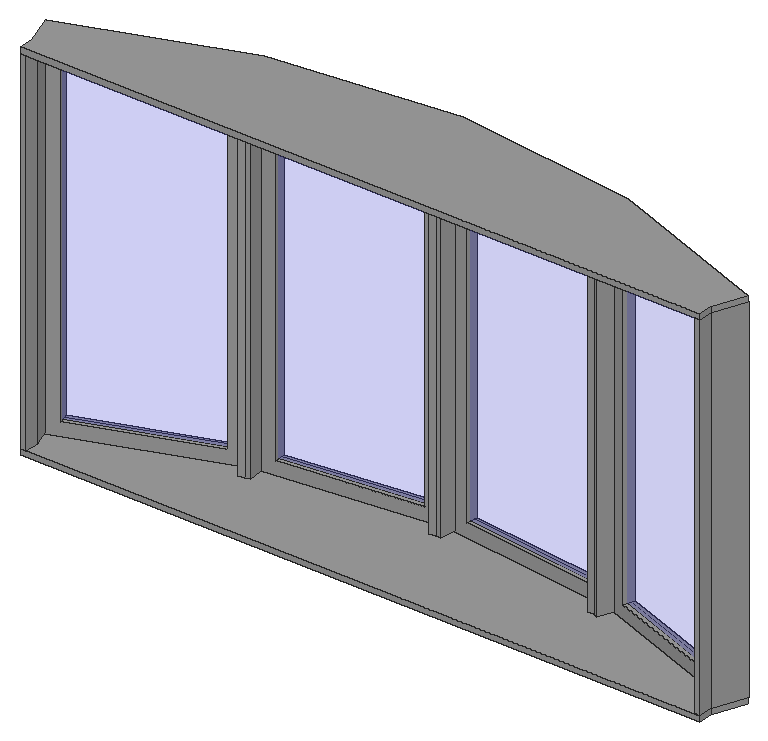
Revit family "WBY_A3-4-UNIT-BOW", category Windows, host Wall, Revit 2016
Family settings
  Host = Wall
  Always vertical = Yes
  Cut with Voids When Loaded = No
  Shared = No
  Room Calculation Point = No
Parameters (values of type "23" FRAME, EA")
  CENTER ADJUST = 0' - 0 27/32"
  Height = 4' - 0"
  JAMB DEPTH = 0' - 4 1/2"
  JAMB THICKNESS = 0' - 0 3/4"
  PROJECTION = 0' - 10 3/8"
  RADIUS = 8' - 7"
  SIDE ADJUST = (Width / 4) - CENTER ADJUST  # 1' - 10 1/4"
  T.O. HEAD = 7' - 0"
  Wall Closure = By host
  Width = 7' - 8 3/8"
Types (7): name | CENTER ADJUST | JAMB DEPTH | PROJECTION | RADIUS | SIDE ADJUST | Width
  (no name) | 0' - 0 27/32" | 0' - 4 1/2" | 0' - 10 3/8" | 8' - 7" | 1' - 10 1/4" | 7' - 8 3/8"
  17" FRAME, EA | 0' - 0 27/32" | 0' - 5" | 0' - 7 7/8" | 6' - 4" | 1' - 4 7/16" | 5' - 9 1/8"
  21" FRAME, EA | 0' - 0 25/32" | 0' - 4 1/2" | 0' - 9 5/8" | 7' - 10" | 1' - 8 3/8" | 7' - 0 5/8"
  23" FRAME, EA | 0' - 0 27/32" | 0' - 4 1/2" | 0' - 10 3/8" | 8' - 7" | 1' - 10 1/4" | 7' - 8 3/8"
  25" FRAME, EA | 0' - 0 29/32" | 0' - 4 1/2" | 0' - 11 3/8" | 9' - 4" | 2' - 0 1/8" | 8' - 4 1/8"
  29" FRAME, EA. | 0' - 0 31/32" | 0' - 4 1/2" | 1' - 1 1/8" | 10' - 9 3/4" | 2' - 3 15/16" | 9' - 7 5/8"
  35" FRAME, EA | 0' - 1 5/32" | 0' - 4 1/2" | 1' - 3 3/4" | 13' - 0 5/8" | 2' - 9 9/16" | 11' - 6 7/8"
Reference planes (in)
  plane 1: y = 0
  plane 2: z = 0
  plane 3 "Center": x = 0
  plane 4 "Left": x = -46.1875
  plane 5 "Right": x = 46.1875
  plane 6 "Sill": z = 36.75
  plane 7 "Top": z = 83.25
  plane 8: y = 13.375
  plane 9: x = -23.9375
  plane 10: x = 23.9375
  plane 11: z = 84
  plane 12: z = 36
Forms (in)
  Sweep 1, solid
    path origin (-0.07733, 0.21069, 0) x (0, 0, -1) y (1, 0, 0)
      loop
        line (-36.75, -46.1875) -> (-83.25, -46.1875)
    profile origin (0, 0.21069, 60) x (-1, 0, 0) y (0, -1, 0)
      loop
        line (46.09058, -2.82466) -> (44.5485, 1.40287) -> (43.84391, 1.14585) -> (45.386, -3.08167) -> (46.09058, -2.82466)
  Sweep 2, solid
    path origin (0, 0, 0) x (0, 0, -1) y (1, 0, 0)
      loop
        line (-36.75, 46.1875) -> (-83.25, 46.1875)
    profile origin (0, 0, 60) x (-1, 0, 0) y (0, -1, 0)
      loop
        line (-46.1875, -3) -> (-45.48291, -3.25701) -> (-43.94083, 0.97051) -> (-44.64542, 1.22753) -> (-46.1875, -3)
  Sweep 3, solid
    path origin (0, 0, 0) x (0, 0, -1) y (1, 0, 0)
      loop
        line (-36.75, -23.9375) -> (-83.25, -23.9375)
    profile origin (0, 0, 60) x (-1, 0, 0) y (0, -1, 0)
      loop
        line (25.13576, -10.67908) -> (23.59368, -6.45155) -> (22.88909, -6.70857) -> (22.14424, -6.79632) -> (22.67077, -11.26541) -> (23.9375, -11.11617) -> (25.13576, -10.67908)
  Sweep 4, solid
    path origin (0, 0, 0) x (0, 0, -1) y (1, 0, 0)
      loop
        line (-36.75, 23.9375) -> (-83.25, 23.9375)
    profile origin (0, 0, 60) x (-1, 0, 0) y (0, -1, 0)
      loop
        line (-25.13576, -10.67908) -> (-23.9375, -11.11617) -> (-22.67077, -11.26541) -> (-22.14424, -6.79632) -> (-22.88909, -6.70857) -> (-23.59368, -6.45155) -> (-25.13576, -10.67908)
  Sweep 5, solid
    path origin (0, 0, 0) x (0, 0, -1) y (1, 0, 0)
      loop
        line (-36.75, 0) -> (-83.25, 0)
    profile origin (0, 0, 60) x (-1, 0, 0) y (0, -1, 0)
      loop
        line (1.27137, -13.78657) -> (0.74485, -9.31748) -> (0, -9.40523) -> (-0.74485, -9.31748) -> (-1.27137, -13.78657) -> (0, -13.93635) -> (1.27137, -13.78657)
  Extrusion 6, solid
    sketch origin (-46.09058, 3.03535, 36.75) x (0, 0, 1) y (0.93945, 0.342685, 0)
      loop
        line (46.5, 22.30541) -> (0, 22.30541) -> (0, 0.75) -> (46.5, 0.75) -> (46.5, 22.30541)
      loop
        line (44.75, 20.55541) -> (1.75, 20.55541) -> (1.75, 2.5) -> (44.75, 2.5) -> (44.75, 20.55541)
    from -1 to -2.5
  Extrusion 7, solid
    sketch origin (-45.7479, 2.0959, 36.75) x (0, 0, 1) y (0.93945, 0.342685, 0)
      loop
        line (44.75, 20.55541) -> (1.75, 20.55541) -> (1.75, 2.5) -> (44.75, 2.5) -> (44.75, 20.55541)
    from -0.5 to -1
  Extrusion 8, solid
    sketch origin (45.48291, 3.25701, 36.75) x (0, 0, 1) y (0.93945, -0.342685, 0)
      loop
        line (46.5, -21.65857) -> (46.5, 0) -> (0, 0) -> (0, -21.65857) -> (46.5, -21.65857)
      loop
        line (44.75, -1.75) -> (1.75, -1.75) -> (1.75, -19.90857) -> (44.75, -19.90857) -> (44.75, -1.75)
    from -1 to -2.5
  Extrusion 9, solid
    sketch origin (22.67077, 11.26541, 36.75) x (0, 0, 1) y (0.993131, -0.117005, 0)
      loop
        line (0, 0) -> (0, -21.5474) -> (46.5, -21.5474) -> (46.5, 0) -> (0, 0)
      loop
        line (44.75, -1.75) -> (1.75, -1.75) -> (1.75, -19.7974) -> (44.75, -19.7974) -> (44.75, -1.75)
    from -1 to -2.5
  Extrusion 10, solid
    sketch origin (-23.9375, 11.11617, 36.75) x (0, 0, 1) y (0.993131, 0.117005, 0)
      loop
        line (46.5, 22.82289) -> (0, 22.82289) -> (0, 1.27549) -> (46.5, 1.27549) -> (46.5, 22.82289)
      loop
        line (44.75, 21.07289) -> (1.75, 21.07289) -> (1.75, 3.02549) -> (44.75, 3.02549) -> (44.75, 21.07289)
    from -1 to -2.5
  Extrusion 11, solid
    sketch origin (-23.82049, 10.12304, 36.75) x (0, 0, 1) y (0.993131, 0.117005, 0)
      loop
        line (44.75, 21.07289) -> (1.75, 21.07289) -> (1.75, 3.02549) -> (44.75, 3.02549) -> (44.75, 21.07289)
    from -0.5 to -1
  Extrusion 12, solid
    sketch origin (22.55376, 10.27228, 36.75) x (0, 0, 1) y (0.993131, -0.117005, 0)
      loop
        line (44.75, -1.75) -> (1.75, -1.75) -> (1.75, -19.7974) -> (44.75, -19.7974) -> (44.75, -1.75)
    from -0.5 to -1
  Extrusion 13, solid
    sketch origin (45.14023, 2.31756, 36.75) x (0, 0, 1) y (0.93945, -0.342685, 0)
      loop
        line (44.75, -1.75) -> (1.75, -1.75) -> (1.75, -19.90857) -> (44.75, -19.90857) -> (44.75, -1.75)
    from -0.5 to -1
  Extrusion 14, solid
    sketch origin (0, 0, 36.75) x (0, -1, 0) y (-1, 0, 0)
      loop
        line (-3.03535, 46.09058) -> (-11.11617, 23.9375) -> (-13.93635, 0) -> (-11.11617, -23.9375) -> (-3, -46.1875) -> (1.21709, -44.64922) -> (3, -44.64922) -> (3, 44.5485) -> (1.19217, 44.5485) -> (-3.03535, 46.09058)
    from 0 to 0.75
  Extrusion 15, solid
    sketch origin (0, 0, 83.25) x (0, -1, 0) y (-1, 0, 0)
      loop
        line (-3.03535, 46.09058) -> (-11.11617, 23.9375) -> (-13.93635, 0) -> (-11.11617, -23.9375) -> (-3, -46.1875) -> (1.21709, -44.64922) -> (3, -44.64922) -> (3, 44.5485) -> (1.19217, 44.5485) -> (-3.03535, 46.09058)
    from 0 to -0.75
  Sweep 16, solid
    path origin (-60, 3, 0) x (-1, 0, 0) y (0, 0, 1)
      loop
        line (-13.8125, 83.25) -> (-13.8125, 36.75)
    profile origin (0, 3, 60) x (0, 1, 0) y (-1, 0, 0)
      loop
        line (-3.93377, 43.84011) -> (-4.19217, 44.5485) -> (-6, 44.5485) -> (-6, 43.84011) -> (-3.93377, 43.84011)
  Sweep 17, solid
    path origin (-60, 3, 0) x (-1, 0, 0) y (0, 0, 1)
      loop
        line (-106.1875, 83.25) -> (-106.1875, 36.75)
    profile origin (0, 3, 60) x (0, 1, 0) y (-1, 0, 0)
      loop
        line (-3.97051, -43.94083) -> (-6, -43.94083) -> (-6, -44.64922) -> (-4.22892, -44.64922) -> (-3.97051, -43.94083)
  Sweep 18, void
    path origin (-60, 3, 0) x (-1, 0, 0) y (0, 0, 1)
      loop
        line (-13.8125, 84) -> (-13.8125, 36)
    profile origin (0, 3, 60) x (0, 1, 0) y (-1, 0, 0)
      loop
        line (0, -46.1875) -> (0, 46.07769) -> (-4.19217, 44.5485) -> (-6, 44.5485) -> (-6, -44.64922) -> (-4.21709, -44.64922) -> (0, -46.1875)
Cuts and joins
  Sweep 18 cuts Sweep 3
  Sweep 18 cuts Sweep 4
  Sweep 18 cuts Sweep 5
  Sweep 18 cuts Extrusion 9
  Sweep 18 cuts Extrusion 10
  Sweep 18 cuts Extrusion 11
  Sweep 18 cuts Extrusion 12
Lines and regions (in)
  symbolic lines, style "InvisibleLines"
    curve 1: arc (-46.1875, 3, 0) -> (0, 13.93635, 0) -> (46.1875, 3, 0) r 103
    curve 2: line (-46.1875, 3, 0) -> (-23.9375, 11.11617, 0)
    curve 3: line (-23.9375, 11.11617, 0) -> (0, 13.93635, 0)
    curve 4: line (0, 13.93635, 0) -> (23.9375, 11.11617, 0)
    curve 5: line (23.9375, 11.11617, 0) -> (46.1875, 3, 0)
Text (in)
  text "EXTERIOR" at (-56.58296, 30.41546, 0), in view "Ref. Level"
  text "INTERIOR" at (-58.6888, -13.80711, 0), in view "Ref. Level"
  text "Exterior" at (0, 43.65631, 123.19604), in view "Left"
  text "Exterior" at (0, 18.29385, 125.04747), in view "Right"
Dimensions and locks (in)
  equal spacing: plane 4 "Left", plane 3 "Center", plane 5 "Right"
  "Width": plane 4 "Left" to plane 5 "Right"
  "T.O. HEAD": level to plane 11
  "Height": plane 12 to plane 11
  "PROJECTION": host wall to plane 8
  "JAMB DEPTH": Sweep 1 sketch curve to Sweep 1 sketch curve
  "JAMB THICKNESS": Sweep 1 sketch curve to Sweep 1 sketch curve
  "JAMB THICKNESS": Sweep 2 sketch curve to Sweep 2 sketch curve
  "JAMB DEPTH": Sweep 2 sketch curve to Sweep 2 sketch curve
  locked: Sweep 2 sketch curve to curve 5 at 0
  "JAMB THICKNESS": Sweep 3 sketch curve to Sweep 3 sketch curve  (x2)
  "JAMB DEPTH": Sweep 3 sketch curve to curve 2
  "JAMB DEPTH": Sweep 3 sketch curve to curve 3
  "JAMB THICKNESS": Sweep 4 sketch curve to Sweep 4 sketch curve  (x2)
  "JAMB DEPTH": Sweep 4 sketch curve to curve 4
  "JAMB DEPTH": Sweep 4 sketch curve to curve 5
  "JAMB THICKNESS": Sweep 5 sketch curve to Sweep 5 sketch curve  (x2)
  "JAMB DEPTH": Sweep 5 sketch curve to Sweep 5 sketch curve  (x2)
  "SIDE ADJUST": plane 4 "Left" to plane 9
  "SIDE ADJUST": plane 10 to plane 5 "Right"
  Extrusion 7 to Extrusion 7 = 1' - 6.05541"
  Extrusion 11 to Extrusion 11 = 1' - 6.0474"
  locked: plane 7 "Top" to plane 11 at 0.75
  locked: plane 12 to plane 6 "Sill" at 0.75
  locked: curve 2 to Sweep 1 sketch curve at 0
  "RADIUS": radius of curve 1
  locked: curve 2 to Sweep 1 sketch curve (angle 90.00°)
  locked: curve 5 to Sweep 2 sketch curve (angle 90.00°)
  locked: curve 2 to Sweep 3 sketch curve (angle 90.00°)
  locked: Sweep 3 sketch curve to curve 3 (angle 90.00°)
  angle Sweep 5 sketch curve to Sweep 5 sketch curve = 90.00°  (x2)
  aligned and locked: plane 6 "Sill" to Sweep 3 sketch curve
  aligned and locked: plane 7 "Top" to Sweep 3 sketch curve
  aligned and locked: Sweep 3 sketch curve to plane 9
  aligned and locked: curve 3 to Sweep 3 sketch curve
  aligned and locked: Sweep 4 sketch curve to curve 5
  aligned and locked: Sweep 4 sketch curve to curve 4
  aligned and locked: plane 3 "Center" to Sweep 5 sketch curve  (x2)
  aligned and locked: curve 3 to Sweep 5 sketch curve
  aligned and locked: curve 4 to Sweep 5 sketch curve
  aligned and locked: Extrusion 6 sketch curve to Sweep 3
  aligned and locked: Sweep 1 to Extrusion 6 sketch curve
  aligned and locked: Extrusion 6 sketch curve to plane 7 "Top"
  aligned and locked: Extrusion 6 sketch curve to plane 6 "Sill"
  aligned and locked: Extrusion 7 sketch curve to Extrusion 6  (x4)
  aligned and locked: Extrusion 8 sketch curve to plane 7 "Top"
  aligned and locked: Extrusion 8 sketch curve to Sweep 2
  aligned and locked: Extrusion 8 sketch curve to Sweep 4
  aligned and locked: Extrusion 8 sketch curve to plane 6 "Sill"
  aligned and locked: Extrusion 9 sketch curve to Sweep 4
  aligned and locked: Extrusion 9 sketch curve to plane 7 "Top"
  aligned and locked: Sweep 5 to Extrusion 9 sketch curve
  aligned and locked: Extrusion 9 sketch curve to plane 6 "Sill"
  aligned and locked: Extrusion 10 sketch curve to Sweep 5
  aligned and locked: Extrusion 10 sketch curve to plane 7 "Top"
  aligned and locked: Extrusion 10 sketch curve to Sweep 3
  aligned and locked: Extrusion 10 sketch curve to plane 6 "Sill"
  aligned and locked: Extrusion 11 sketch curve to Extrusion 10  (x4)
  aligned and locked: Extrusion 12 sketch curve to Extrusion 9  (x4)
  aligned and locked: Extrusion 13 sketch curve to Extrusion 8  (x4)
  aligned and locked: curve 2 to Extrusion 14 sketch curve
  aligned and locked: Extrusion 14 sketch curve to curve 3
  aligned and locked: Extrusion 14 sketch curve to curve 4
  aligned and locked: Extrusion 14 sketch curve to curve 5
  aligned and locked: Extrusion 14 sketch curve to host wall
  aligned and locked: plane 6 "Sill" to Sweep 5 sketch curve
  aligned and locked: plane 7 "Top" to Sweep 5 sketch curve
  aligned and locked: plane 7 "Top" to Sweep 1 sketch curve
  aligned and locked: plane 6 "Sill" to Sweep 1 sketch curve
  aligned and locked: plane 7 "Top" to Sweep 2 sketch curve
  aligned and locked: plane 6 "Sill" to Sweep 2 sketch curve
  aligned and locked: Extrusion 15 sketch curve to Extrusion 14  (x4)
  aligned and locked: Extrusion 15 sketch curve to host wall
  aligned and locked: plane 7 "Top" to Sweep 16 sketch curve
  aligned and locked: plane 6 "Sill" to Sweep 16 sketch curve
  aligned and locked: Sweep 16 sketch curve to plane 4 "Left"
  aligned and locked: host wall to Sweep 16 sketch curve  (x2)
  aligned and locked: Sweep 16 sketch curve to Sweep 1  (x2)
  aligned and locked: plane 7 "Top" to Sweep 17 sketch curve
  aligned and locked: plane 6 "Sill" to Sweep 17 sketch curve
  aligned and locked: Sweep 17 sketch curve to plane 5 "Right"
  aligned and locked: Sweep 17 sketch curve to Sweep 2  (x2)
  aligned and locked: host wall to Sweep 17 sketch curve  (x2)
  aligned and locked: Extrusion 14 sketch curve to Sweep 17
  aligned and locked: Extrusion 14 sketch curve to Sweep 1
  aligned and locked: Extrusion 14 sketch curve to Sweep 16
  aligned and locked: Extrusion 15 sketch curve to Sweep 1
  aligned and locked: Extrusion 15 sketch curve to Sweep 16
  aligned and locked: Extrusion 15 sketch curve to Sweep 17
  aligned and locked: plane 11 to Sweep 18 sketch curve
  aligned and locked: plane 12 to Sweep 18 sketch curve
  aligned and locked: Sweep 18 sketch curve to plane 4 "Left"
  aligned and locked: Sweep 18 sketch curve to host wall  (x2)
  aligned and locked: Sweep 18 sketch curve to Sweep 17
  aligned and locked: Sweep 18 sketch curve to Sweep 16
  aligned and locked: Sweep 18 sketch curve to Sweep 2
  aligned and locked: Sweep 18 sketch curve to Sweep 1
Automatic sketch dimensions
  curve 1 to host wall = 0' - 0"
  curve 3 to plane 9 = 0' - 0"
  curve 1 to plane 3 "Center" = 0' - 0"
  curve 3 to plane 3 "Center" = 0' - 0"
  curve 5 to plane 10 = 0' - 0"
  curve 5 to host wall = 0' - 0"
  Sweep 3 sketch curve to profile plane = 0' - 0"
  Sweep 4 sketch curve to plane 7 "Top" = 0' - 0"
  Sweep 4 sketch curve to plane 6 "Sill" = 0' - 0"
  Sweep 4 sketch curve to plane 10 = 0' - 0"
  Extrusion 6 sketch curve to plane 6 "Sill" = 0' - 1 3/4"
  plane 7 "Top" to Extrusion 6 sketch curve = 0' - 1 3/4"
  Extrusion 6 sketch curve to Extrusion 6 sketch curve = 0' - 1 3/4"  (x2)
  Extrusion 8 sketch curve to plane 6 "Sill" = 0' - 1 3/4"
  plane 7 "Top" to Extrusion 8 sketch curve = 0' - 1 3/4"
  Extrusion 8 sketch curve to Extrusion 8 sketch curve = 0' - 1 3/4"  (x2)
  Extrusion 9 sketch curve to plane 6 "Sill" = 0' - 1 3/4"
  plane 7 "Top" to Extrusion 9 sketch curve = 0' - 1 3/4"
  Extrusion 9 sketch curve to Extrusion 9 sketch curve = 0' - 1 3/4"  (x2)
  Extrusion 10 sketch curve to plane 6 "Sill" = 0' - 1 3/4"
  plane 7 "Top" to Extrusion 10 sketch curve = 0' - 1 3/4"
  Extrusion 10 sketch curve to Extrusion 10 sketch curve = 0' - 1 3/4"  (x2)
  Sweep 16 sketch curve to Sweep 16 sketch curve = 0' - 0.2584"
  Sweep 17 sketch curve to Sweep 17 sketch curve = 0' - 0.2584"
  Extrusion 14 sketch curve to host wall = 0' - 0"
  Extrusion 15 sketch curve to host wall = 0' - 0"
  curve 1 to plane 4 "Left" = 0' - 0"
  plane 4 "Left" to Sweep 1 sketch curve = 0' - 0.07733"
  Sweep 2 sketch curve to plane 5 "Right" = 0' - 0"
  Sweep 2 sketch curve to profile plane = 0' - 0"
  profile plane to Sweep 1 sketch curve = 0' - 2.42091"
